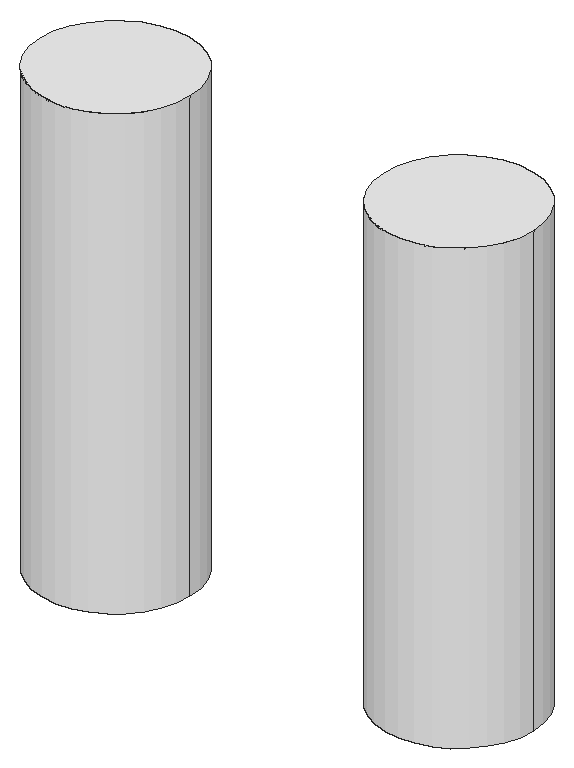
Revit family "92602009(2023)", category Plumbing Fixtures, Revit 2020
Family settings
  Round Connector Dimension = Use Diameter
  Part Type = Normal
  OmniClass Number = 23.45.55.00
  OmniClass Title = Sanitary Faucets, Wastes
  Work Plane-Based = No
  Always vertical = Yes
  Cut with Voids When Loaded = No
  Shared = No
  Room Calculation Point = No
Parameters (values of type "92602009 Washbasin faucet, 230/9 V, Bluetooth")
  Working Pressure = "100 - 1000 kPa"
  WarrantyStartDate [instance] = "n/a"
  WarrantyGuarantorParts = "n/a"
  WarrantyGuarantorLabor = "n/a"
  WarrantyDurationUnit = "Year"
  WarrantyDurationParts = "n/a"
  WarrantyDurationLabor = "n/a"
  WarrantyDescription = "http://warranty.hansa.com"
  Warranty Information URL = "http://warranty.hansa.com"
  VersionDate = "01/06/2023"
  Version = "1"
  ValvePattern = "n/a"
  ValveOperation = "n/a"
  ValveMechanism = "n/a"
  Uniclass2015Reference = "Pr_40_20_87_96"
  Uniclass2015Description = "Washbasin manual water supply sets"
  Uniclass2 = "Pr_40_30_96_96"
  URL WEEE = "http://static.hansa.com/WEEE/92602009"
  URL UWL = "http://static.hansa.com/UWL/92602009"
  URL REACH = "http://static.hansa.com/doc/reach"
  URL EcoLabel Declaration = "http://static.hansa.com/doc/EcoLabel"
  URL EU Packaging Declaration = "http://static.hansa.com/doc/packaging"
  URL Declaration of SCIP = "http://static.hansa.com/doc/SCIP"
  URL Declaration of Conformity = "http://static.hansa.com/DoC/92602009"
  URL Declaration of Asbestos = "http://static.hansa.com/doc/asbestos"
  URL Declaration Of Performance (DOP) = "http://static.hansa.com/doc/DoP"
  URL = ""
  UNSPSC Class Number = "30181700 Faucets or taps"
  Type Comments = ""
  TestPressure = "n/a"
  Temperature Adjustments = "Adjustable hot water stop (included, retrofittable)"
  Technical DataSheet URL = "http://www.hansa.com/datasheet/92602009/en"
  TagNumber [instance] = "n/a"
  SustainabilityPerformance = "n/a"
  Surface treatment = "Chrome"
  Spout Type = "Fixed spout"
  Spout Projection = "123 mm"
  Size = "70x170x135 mm"
  Shape = "Sculptured"
  SerialNumber [instance] = "n/a"
  Sales Package dimensions (LxWxH) = "284 x 191 x 83.5"
  Revision = "n/a"
  ReplacementCost = "n/a"
  Protection Class = "IP 55 / transformer IP 20"
  ProductInformation = "n/a"
  Product URL = "http://static.hansa.com/92602009"
  Product Image URL = "http://static.hansa.com/image/92602009"
  Product Family = "HANSAELECTRA Safety"
  Product Code = "92602009"
  OperatingMechanismMaterial = "n/a"
  Operating Voltage = 9 V
  Operating Distance = "20-130 mm (110/130/160 mm)"
  NominalWidth = 68.942 mm
  NominalHeight = 135.012 mm
  NominalDepth = 167.912 mm
  Noise Class = "I (ISO 3822) "
  Name_en = "92602009 Washbasin faucet, 230/9 V, Bluetooth"
  Name = "92602009 Washbasin faucet, 230/9 V, Bluetooth"
  NBSReference = "45-35-70/371"
  NBSDescription = "Water supply fittings for wash basins and troughs"
  Mounting Holes = "1 hole"
  ModelReference = "92602009"
  ModelNumber = "n/a"
  Model = "92602009 Washbasin faucet, 230/9 V, Bluetooth"
  Mobile Product Information URL = "http://mpi.hansa.com/92602009"
  Mechanical Parts = "Mixing valve for manual temperature control;Non-return valve(s);Litter filter(s)"
  Max. Hot Water Supply = 70 °C
  Max Flow Period = "2 min (1 - 1800 s)"
  Material = "Brass"
  Market = "International;Germany;Austria;Switzerland;Belgium;Netherlands;Italy"
  ManufacturerURL = "http://www.hansa.com"
  ManufacturerName = "HANSA"
  Manufacturer = "HANSA"
  Long Marketing = "Electra 92 series give you a clean classic design with beautiful round body flowing into round spout design with a clear design line framing the faucet design.\nA Classic design for any installation.\n\nKey Features\nAerator with Tilt function +/- 10° for more flexible installation\nNewest Sensor technology for better detection and operation comfort\nBluetooth technology for easy adjustment to personalize settings \nAntiscalding protection\nTemperature measurement\nPower Plug"
  Lever Handle = "Temperature control handle"
  Keynote = ""
  InstallationDate [instance] = "n/a"
  Installation Type = "Deck mounted"
  InletConnectionSize = 10 mm
  IfcExportType = "FAUCET"  # constant formula
  IfcExportAs = "IfcValveType"  # constant formula
  Group = "Washbasin faucet"
  Grade = "n/a"
  FlowCoefficient = 0
  Flow Rate At 300kPa With Flow Controller = 0.09 L/s
  Flow Drawing URL = "http://static.hansa.com/flowchart/92602009"
  Finish = "Polished"
  Features = "Touchless;Plug transformer;Bluetooth®"
  FaucetMainMaterial = Brass
  FDV Document URL = "http://www.hansa.com/datasheet/92602009/en/fdv"
  ExpectedLife = "n/a"
  Electronic Parts = ";Power supply;Light indicated function(s)"
  Electrical Connection = "230 / 9 V"
  ETIM Class Number = "EC010340 Electronic tap"
  EN Standard = "EN 15091"
  EMC Directive = "2014/53/EU , 2011/65/EU"
  EAN Number = "4057304019395"
  DurationUnit = "Year"
  Dimension Drawing URL = "http://static.hansa.com/dimdrw/92602009"
  Description = ""
  DefaultElevation [instance] = 900 mm
  Default Elevation = 0 mm
  Constituents = "n/a"
  Connection Size = "G3/8"
  Connection = "Flexible inlet pipes"
  Color = "Chrome"
  CodePerformance = "n/a"
  CloseOffRating = 0
  Catalog Drawing URL = "http://static.hansa.com/catdrw/92602009"
  Brand = "HANSA"
  BodyMaterial = "Brass"
  Bluetooth = "5.x (D060576)"
  Barcode [instance] = "n/a"
  Backflow Prevention EN1717 = "AA"
  BIMObjectName = "92602009(2023)"
  Automatic Flush Period = "30 s (1-1800 s)"
  Automatic Flush Frequency = "off (off/1-120 h)"
  Author = "BIMStone"
  AssetType = "Fixed"
  AssetIdentifier [instance] = "n/a"
  Afterflow Period = "3 s (1-20 s)"
  Aerator = "PCA® - constant flow rate regardless of pressure variations;Adjustable flow angle"
  Advanced Features = "3S-installation system for safe and simple mounting"
  AccessibilityPerformance = "n/a"
  2D/3D/BIM Files URL = "http://static.hansa.com/bim/92602009"
Reference planes
  plane 1 "Center (Front/Back)": y = 0
  plane 2: z = 0
  plane 3 "Center (Left/Right)": x = 0
  plane 4: x = -27.96
  plane 5: z = 900
  plane 6: z = 870
  plane 7: y = -167.912
  plane 8: x = 27.96
  plane 9: z = 1035.012
  plane 10: x = 40.982
Forms (mm)
  Extrusion 1, solid, material "Brass" <- "FaucetMainMaterial"
    sketch origin (0, -2.393, 0) x (1, 0, 0) y (0, 1, 0)
      loop
        circle (-11.5, -22.5) r 5
      loop
        circle (11.5, -22.5) r 5
    from 870 to 900
Dimensions and locks
  "DefaultElevation": plane 5 to level
  locked: plane 5 to plane 6 at 30
  "NominalDepth": plane 7 to plane 1 "Center (Front/Back)"
  equal spacing: plane 4, plane 3 "Center (Left/Right)", plane 8
  "NominalHeight": plane 9 to plane 5
  locked: plane 8 to plane 10 at 13.022
  "NominalWidth": plane 4 to plane 10
  "InletConnectionSize": diameter of Extrusion 1 sketch curve  (x2)
  aligned and locked: level to plane 2
  aligned and locked: plane 5 to Extrusion 1
  aligned and locked: Extrusion 1 to plane 6
  aligned and locked: plane 1 "Center (Front/Back)" to nested 2
  aligned and locked: plane 3 "Center (Left/Right)" to nested 2
  aligned and locked: plane 3 "Center (Left/Right)" to nested 1
  aligned and locked: plane 1 "Center (Front/Back)" to nested 1
  aligned and locked: plane 5 to nested 2
Automatic sketch dimensions
  Extrusion 1 sketch curve to plane 3 "Center (Left/Right)" = 11.5 mm
  plane 3 "Center (Left/Right)" to Extrusion 1 sketch curve = 11.5 mm
  plane 1 "Center (Front/Back)" to Extrusion 1 sketch curve = 24.893 mm
  Extrusion 1 sketch curve to Extrusion 1 sketch curve = 0 mm
Nested families
  nested 1: "Symbol" at (0, 0, 0), type "Symbol", detail levels coarse
  nested 2: "92602009(2023)_Body" at (0, 0, 900), Material <- "FaucetMainMaterial", type "92602009(2023)_Body"
    with Material Brass
Connectors
  piping at (-11.5, -24.893, 870), diameter 10, driven by "InletConnectionSize"
    settings: on Extrusion 1, index 1, connector inside diameter 609.6 mm, connector length 0 mm, flow factor 0, pipe flow 0.2 L/s, pressure drop 0.0 Pa, fitting loss kfactor 0, connector angle 0.00°, fixture units 0, engagement length 0 mm, angle of deflection 0.00°, flow configuration 1, flow direction 1, fitting loss method 0, system type 19, joint type 0, gender type 0, connector reference index -1, connector utility 0, adjustable connector no, is connector primary yes, connector description ""
  piping at (11.5, -24.893, 870), diameter 10, driven by "InletConnectionSize"
    settings: on Extrusion 1, index 2, connector inside diameter 609.6 mm, connector length 0 mm, flow factor 0, pipe flow 0.2 L/s, pressure drop 0.0 Pa, fitting loss kfactor 0, connector angle 0.00°, fixture units 0, engagement length 0 mm, angle of deflection 0.00°, flow configuration 1, flow direction 1, fitting loss method 0, system type 20, joint type 0, gender type 0, connector reference index -1, connector utility 0, adjustable connector no, is connector primary no, connector description ""
Definition of nested family "Symbol"
  Reference planes
    plane 1: y = 0
    plane 2: x = 0
  Lines and regions (mm)
    detail lines
      curve 1: line (0, 0, 0) -> (0, -1.8, 0)
      curve 2: line (-0.4, -1.1, 0) -> (0.4, -1.1, 0)
      curve 3: line (-0.4, -1.4, 0) -> (0.4, -1.4, 0)
      curve 4: line (0.863, 0, 0) -> (-0.863, 0, 0)
      curve 5: circle (-1.163, 0, 0) r 0.3 normal (0, 0, -1)
      curve 6: circle (1.163, 0, 0) r 0.3 normal (0, 0, 1)
